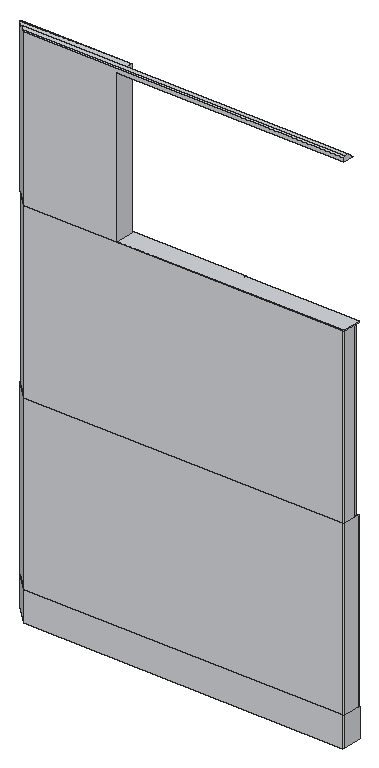
Revit family "GEN_A3-External-Facade-Bottom-Panel-15", category Curtain Panels, Revit 2016
Family settings
  OmniClass Number = 23.25.20.14.11.11.17
  OmniClass Title = Infill Panels
  Always vertical = Yes
  Cut with Voids When Loaded = No
  Shared = No
Parameters (values of type "External Facade")
  Top Off Set [instance] = 0 mm
  RH Off Set [instance] = 0 mm
  Panel Thickness = 200 mm
  Panel 6 Thickness [instance] = 200 mm
  Panel 6 [instance] = none
  Panel 5 Thickness [instance] = 200 mm
  Panel 5 [instance] = none
  Panel 4 Thickness [instance] = 150 mm
  Panel 4 [instance] = none
  Panel 3 [instance] = none
  Panel 2 [instance] = none
  Panel 1 Thickness [instance] = 200 mm
  Panel 1 [instance] = none
  LH Off Set [instance] = 1145 mm
  Keynote = "U004"
  Fill [instance] = none
  Cill [instance] = 3777 mm
  Assembly Code = ""
Reference planes
  plane 1 "Center (Front/Back)": y = 0
  plane 2: z = 0
  plane 3 "Center (Left/Right)": x = 334.2
  plane 4 "Left": x = -1331.6
  plane 5 "Right": x = 2000
  plane 6 "Top": z = 5300
  plane 7 "face": y = 100
  plane 8: y = -100
  plane 9: z = 300
  plane 10: z = 3770
  plane 11: x = 856.133
  plane 12: x = -287.733
  plane 13: x = 848.633
  plane 14: x = 863.633
  plane 15: x = -280.233
  plane 16: x = -295.233
  plane 17: z = 3777.5
  plane 18: z = 3762.5
  plane 19: z = 292.5
  plane 20: z = 307.5
  plane 21: z = 2035
  plane 22: z = 2042.5
  plane 23: z = 2027.5
  plane 24: x = -1431.6
  plane 25: x = -1411.6
  plane 26 "1": y = 100
  plane 27 "2": y = 100
  plane 28 "3": y = 100
  plane 29 "4": y = 50
  plane 30 "5": y = 100
  plane 31 "6": y = 100
  plane 32: z = 5300
  plane 33: z = 3777
  plane 34: x = 2000
  plane 35: x = -286.6
Forms (mm)
  Extrusion 1, void
    sketch origin (0, 0, 0) x (1, 0, 0) y (0, 1, 0)
      loop
        line (-1431.6, 100) -> (-1431.6, -100) -> (-1231.6, -100) -> (-1411.6, 80) -> (-1411.6, 100) -> (-1431.6, 100)
    from 0 to 8820
  Sweep 2, void
    path origin (0, 100, 0) x (-1, 0, 0) y (0, 0, 1)
      loop
        line (-856.133, 3565) -> (-856.133, 5300)
    profile "Resess Profile : Resess Profile" origin (856.133, 100, 4432.5) x (1, 0, 0) y (0, 1, 0)
      loop
        line (-7.5, 0) -> (-2.5, -15) -> (2.5, -15) -> (7.5, 0) -> (-7.5, 0)
  Sweep 3, void
    path origin (0, 100, 0) x (-1, 0, 0) y (0, 0, 1)
      loop
        line (287.733, 3565) -> (287.733, 5300)
    profile "Resess Profile : Resess Profile" origin (-287.733, 100, 4432.5) x (1, 0, 0) y (0, 1, 0)
      loop
        line (-7.5, 0) -> (-2.5, -15) -> (2.5, -15) -> (7.5, 0) -> (-7.5, 0)
  Extrusion 4, void
    sketch origin (0, 0, 0) x (1, 0, 0) y (0, 1, 0)
      loop
        line (1990, -100) -> (2000, -100) -> (2000, -90) -> (1990, -100)
    from 0 to 5300
  Extrusion 5, solid
    sketch origin (334.2, 0, 0) x (0, 1, 0) y (0, 0, 1)
      loop
        line (15, 5300) -> (-45, 5350) -> (-90, 5350) -> (-100, 5340) -> (-100, 3770) -> (85, 3770) -> (85, 3772.5) -> (100, 3777.5) -> (100, 5293.333) -> (85, 5300) -> (15, 5300)
    from -1765.8 to 1665.8
  Extrusion 6, solid
    sketch origin (334.2, 0, 0) x (0, 1, 0) y (0, 0, 1)
      loop
        line (-100, 2035) -> (35, 2035) -> (35, 2037.5) -> (50, 2042.5) -> (50, 3762.5) -> (35, 3767.5) -> (35, 3770) -> (-100, 3770) -> (-100, 2035)
    from -1765.8 to 1665.8
  Extrusion 7, solid
    sketch origin (334.2, 0, 0) x (0, 1, 0) y (0, 0, 1)
      loop
        line (-100, 300) -> (85, 300) -> (85, 302.5) -> (100, 307.5) -> (100, 2027.5) -> (85, 2032.5) -> (85, 2035) -> (-100, 2035) -> (-100, 300)
    from -1765.8 to 1665.8
  Extrusion 8, solid
    sketch origin (334.2, 0, 0) x (0, 1, 0) y (0, 0, 1)
      loop
        line (-100, 0) -> (100, 0) -> (100, 292.5) -> (85, 297.5) -> (85, 300) -> (-100, 300) -> (-100, 0)
    from -1765.8 to 1665.8
  Sweep 9, void
    path origin (0, 50, 0) x (-1, 0, 0) y (0, 0, 1)
      loop
        line (-856.133, 2035) -> (-856.133, 3770)
    profile "Resess Profile : Resess Profile" origin (856.133, 50, 2902.5) x (1, 0, 0) y (0, 1, 0)
      loop
        line (-7.5, 0) -> (-2.5, -15) -> (2.5, -15) -> (7.5, 0) -> (-7.5, 0)
  Sweep 10, void
    path origin (0, 100, 0) x (-1, 0, 0) y (0, 0, 1)
      loop
        line (-856.133, 300) -> (-856.133, 2035)
    profile "Resess Profile : Resess Profile" origin (856.133, 100, 1167.5) x (1, 0, 0) y (0, 1, 0)
      loop
        line (-7.5, 0) -> (-2.5, -15) -> (2.5, -15) -> (7.5, 0) -> (-7.5, 0)
  Sweep 11, void
    path origin (0, 50, 0) x (-1, 0, 0) y (0, 0, 1)
      loop
        line (287.733, 2035) -> (287.733, 3770)
    profile "Resess Profile : Resess Profile" origin (-287.733, 50, 2902.5) x (1, 0, 0) y (0, 1, 0)
      loop
        line (-7.5, 0) -> (-2.5, -15) -> (2.5, -15) -> (7.5, 0) -> (-7.5, 0)
  Sweep 12, void
    path origin (-1366.667, 100, 0) x (-1, 0, 0) y (0, 0, 1)
      loop
        line (-1078.933, 300) -> (-1078.933, 2035)
    profile "Resess Profile : Resess Profile" origin (-287.733, 100, 1167.5) x (1, 0, 0) y (0, 1, 0)
      loop
        line (-7.5, 0) -> (-2.5, -15) -> (2.5, -15) -> (7.5, 0) -> (-7.5, 0)
  Sweep 13, void
    path origin (1369.167, 100, 0) x (-1, 0, 0) y (0, 0, 1)
      loop
        line (-633.333, 3565) -> (-633.333, 5300)
    profile "Resess Profile : Resess Profile" origin (2002.5, 100, 4432.5) x (1, 0, 0) y (0, 1, 0)
      loop
        line (-7.5, 0) -> (-2.5, -15) -> (2.5, -15) -> (7.5, 0) -> (-7.5, 0)
  Sweep 14, void
    path origin (0, 50, 0) x (-1, 0, 0) y (0, 0, 1)
      loop
        line (-2002.5, 2035) -> (-2002.5, 3770)
    profile "Resess Profile : Resess Profile" origin (2002.5, 50, 2902.5) x (1, 0, 0) y (0, 1, 0)
      loop
        line (-7.5, 0) -> (-2.5, -15) -> (2.5, -15) -> (7.5, 0) -> (-7.5, 0)
  Sweep 15, void
    path origin (1369.167, 100, 0) x (-1, 0, 0) y (0, 0, 1)
      loop
        line (-633.333, 300) -> (-633.333, 2035)
    profile "Resess Profile : Resess Profile" origin (2002.5, 100, 1167.5) x (1, 0, 0) y (0, 1, 0)
      loop
        line (-7.5, 0) -> (-2.5, -15) -> (2.5, -15) -> (7.5, 0) -> (-7.5, 0)
  Extrusion 16, void
    sketch origin (0, 0, 0) x (1, 0, 0) y (0, 0, 1)
      loop
        line (2000, 5300) -> (-286.6, 5300) -> (-286.6, 3777) -> (2000, 3777) -> (2000, 5300)
    from -100 to 100
Cuts and joins
  Extrusion 1, Sweep 2, Sweep 3, Extrusion 4, Sweep 13, Extrusion 16 cuts Extrusion 5
  Extrusion 1, Extrusion 4, Sweep 9, Sweep 10, Sweep 11, Sweep 14, Sweep 15, Extrusion 16 cuts Extrusion 6
  Extrusion 1, Extrusion 4, Sweep 10, Sweep 11, Sweep 12, Sweep 15, Extrusion 16 cuts Extrusion 7
  Extrusion 1, Extrusion 4, Sweep 12, Sweep 15, Extrusion 16 cuts Extrusion 8
Text (mm)
  text "Exterior" at (-2351.972, 1416.179, 0), in view "Ref. Level"
  text "Exterior" at (0, 2290.741, 4406.713), in view "Left"
  text "Exterior" at (0, 1328.187, 4120.349), in view "Right"
Dimensions and locks
  equal spacing: plane 4 "Left", plane 3 "Center (Left/Right)", plane 5 "Right"
  locked: plane 1 "Center (Front/Back)" to plane 8 at 100
  "Panel Thickness": plane 7 "face" to plane 8
  plane 4 "Left" to plane 5 "Right" = 3331.6 mm  (x2)
  plane 2 to plane 6 "Top" = 5300 mm
  equal spacing: plane 24, plane 12, plane 11, plane 5 "Right"
  plane 19 to plane 9 to plane 20 = 7.5 mm locked, 7.5 mm locked
  locked: plane 2 to plane 9 at 300
  locked: plane 9 to plane 10 at 3470
  plane 18 to plane 10 to plane 17 = 7.5 mm locked, 7.5 mm locked
  plane 13 to plane 11 to plane 14 = 7.5 mm locked, 7.5 mm locked
  plane 16 to plane 12 to plane 15 = 7.5 mm locked, 7.5 mm locked
  equal spacing: plane 9, plane 21, plane 10
  plane 23 to plane 21 to plane 22 = 7.5 mm locked, 7.5 mm locked
  plane 4 "Left" to plane 3 "Center (Left/Right)" to plane 5 "Right" = 1665.8 mm, 1665.8 mm
  plane 24 to plane 25 to plane 4 "Left" = 20 mm locked, 80 mm locked
  "Panel 1 Thickness": plane 26 "1" to plane 8
  plane 27 "2" to plane 8 = 200 mm
  plane 28 "3" to plane 8 = 200 mm
  "Panel 4 Thickness": plane 29 "4" to plane 8
  "Panel 5 Thickness": plane 30 "5" to plane 8
  "Panel 6 Thickness": plane 31 "6" to plane 8
  locked: plane 31 "6" to Extrusion 8 sketch curve at 15
  locked: plane 26 "1" to Extrusion 5 sketch curve at 15
  locked: Extrusion 5 sketch curve to Extrusion 5 sketch curve at 15
  "RH Off Set": plane 34 to plane 5 "Right"
  "LH Off Set": plane 24 to plane 35
  "Top Off Set": plane 32 to plane 6 "Top"
  "Cill": plane 2 to plane 33
  locked: Extrusion 6 sketch curve to Extrusion 6 sketch curve at 15  (x2)
  aligned and locked: level to plane 2
  aligned and locked: Extrusion 1 sketch curve to plane 7 "face"
  aligned and locked: Extrusion 1 sketch curve to plane 8
  aligned and locked: Extrusion 1 sketch curve to plane 24
  aligned and locked: Extrusion 1 sketch curve to plane 25
  aligned and locked: plane 11 to Sweep 2 sketch curve
  aligned and locked: plane 6 "Top" to Sweep 2 sketch curve
  aligned and locked: Extrusion 4 to plane 6 "Top"
  aligned and locked: Extrusion 6 sketch curve to plane 21
  aligned and locked: plane 10 to Extrusion 6 sketch curve
  aligned and locked: Extrusion 7 sketch curve to plane 9
  aligned and locked: plane 21 to Extrusion 7 sketch curve
  aligned and locked: plane 30 "5" to Extrusion 7 sketch curve
  aligned and locked: plane 9 to Extrusion 8 sketch curve
  aligned and locked: plane 31 "6" to Extrusion 8 sketch curve
  aligned and locked: Extrusion 5 to plane 5 "Right"
  aligned and locked: Extrusion 6 to plane 5 "Right"
  aligned and locked: Extrusion 7 to plane 5 "Right"
  aligned and locked: Extrusion 8 to plane 5 "Right"
  aligned and locked: Extrusion 5 to plane 24
  aligned and locked: Extrusion 6 to plane 24
  aligned and locked: Extrusion 7 to plane 24
  aligned and locked: Extrusion 8 to plane 24
  aligned and locked: plane 10 to Sweep 9 sketch curve
  aligned and locked: plane 21 to Sweep 9 sketch curve
  aligned and locked: plane 21 to Sweep 10 sketch curve
  aligned and locked: plane 9 to Sweep 10 sketch curve
  aligned and locked: Extrusion 5 sketch curve to plane 26 "1"
  aligned and locked: Extrusion 5 sketch curve to plane 10
  aligned and locked: plane 32 to Extrusion 16 sketch curve
  aligned and locked: Extrusion 16 sketch curve to plane 34
  aligned and locked: Extrusion 16 sketch curve to plane 33
  aligned and locked: plane 35 to Extrusion 16 sketch curve
  aligned and locked: Extrusion 6 sketch curve to plane 29 "4"
Automatic sketch dimensions
  Extrusion 1 sketch curve to plane 4 "Left" = 100 mm
  Extrusion 1 sketch curve to Extrusion 1 sketch curve = 20 mm
  Sweep 3 sketch curve to plane 6 "Top" = 0 mm
  plane 12 to Sweep 3 sketch curve = 0 mm
  Extrusion 4 sketch curve to plane 8 = 0 mm
  Extrusion 4 sketch curve to plane 5 "Right" = 0 mm
  plane 5 "Right" to Extrusion 4 sketch curve = 10 mm
  Extrusion 4 sketch curve to Extrusion 4 sketch curve = 10 mm
  Extrusion 5 sketch curve to plane 8 = 0 mm
  plane 6 "Top" to Extrusion 5 sketch curve = 0 mm
  plane 8 to Extrusion 5 sketch curve = 10 mm
  Extrusion 5 sketch curve to Extrusion 5 sketch curve = 45 mm
  Extrusion 5 sketch curve to plane 1 "Center (Front/Back)" = 15 mm
  Extrusion 5 sketch curve to Extrusion 5 sketch curve = 2.5 mm
  plane 6 "Top" to Extrusion 5 sketch curve = 6.667 mm
  Extrusion 5 sketch curve to plane 6 "Top" = 40 mm
  Extrusion 5 sketch curve to plane 6 "Top" = 50 mm
  Extrusion 6 sketch curve to plane 8 = 0 mm
  Extrusion 6 sketch curve to plane 22 = 0 mm
  Extrusion 6 sketch curve to plane 18 = 0 mm
  Extrusion 6 sketch curve to Extrusion 6 sketch curve = 2.5 mm
  Extrusion 6 sketch curve to plane 10 = 2.5 mm
  Extrusion 7 sketch curve to plane 8 = 0 mm
  Extrusion 7 sketch curve to plane 20 = 0 mm
  Extrusion 7 sketch curve to plane 23 = 0 mm
  Extrusion 7 sketch curve to plane 27 "2" = 15 mm  (x2)
  Extrusion 7 sketch curve to Extrusion 7 sketch curve = 2.5 mm
  Extrusion 7 sketch curve to plane 21 = 2.5 mm
  Extrusion 8 sketch curve to level = 0 mm
  Extrusion 8 sketch curve to plane 8 = 0 mm
  Extrusion 8 sketch curve to plane 19 = 0 mm
  Extrusion 8 sketch curve to plane 9 = 2.5 mm
  plane 11 to Sweep 10 sketch curve = 0 mm
  plane 12 to Sweep 12 sketch curve = 0 mm
  Sweep 12 sketch curve to plane 9 = 0 mm
  Sweep 12 sketch curve to plane 21 = 0 mm
  Sweep 13 sketch curve to plane 6 "Top" = 0 mm
  Sweep 13 sketch curve to plane 5 "Right" = 2.5 mm
  Sweep 15 sketch curve to plane 21 = 0 mm
  Sweep 15 sketch curve to plane 9 = 0 mm
  Sweep 15 sketch curve to plane 5 "Right" = 2.5 mm
  Extrusion 5 sketch curve to Extrusion 5 sketch curve = 5 mm
  plane 6 "Top" to Sweep 2 sketch curve = 1735 mm
  Sweep 3 sketch curve to Sweep 3 sketch curve = 1735 mm
  plane 6 "Top" to Sweep 13 sketch curve = 1735 mm
  plane 11 to Sweep 9 sketch curve = 0 mm
  Sweep 11 sketch curve to plane 10 = 0 mm
  plane 12 to Sweep 11 sketch curve = 0 mm
  Sweep 11 sketch curve to plane 21 = 0 mm
  Sweep 14 sketch curve to plane 10 = 0 mm
  Sweep 14 sketch curve to plane 21 = 0 mm
  Sweep 14 sketch curve to plane 5 "Right" = 2.5 mm
